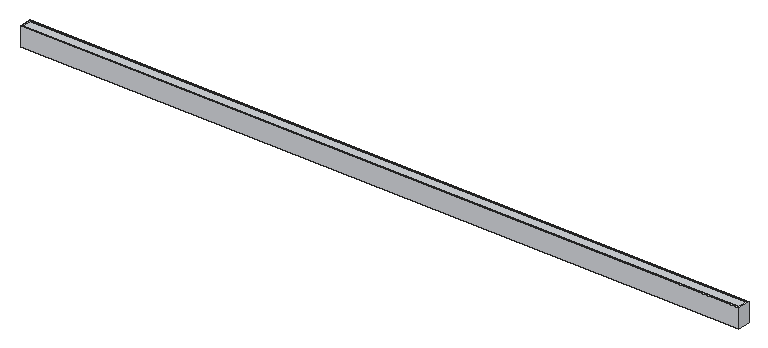
Revit family "Lighting-Strip-Acclaim-Flex Tube RGB", category Lighting Fixtures, host Face, Revit 2014
Parameters
  Width = 0' - 0 207/256"
  Wattage = 9.2903 W
  built-in parameter 1150110 = 1 (stored number, unit not read)
  Voltage = 0 V
  URL = "http://www.acclaimlighting.com/"
  built-in parameter 1114217 = 1 (stored number, unit not read)
  Tilt Angle = -90.00°
  built-in parameter 1150109 = 1 (stored number, unit not read)
  built-in parameter 1150134 = 3
  built-in parameter 1150113 = 1 (stored number, unit not read)
  Power Factor = 1
  Photometric Web File = "generic"
  Number of Poles = 1
  built-in parameter 1150142 = (empty or 0)
  Model = "Flex Tube RGB"
  Manufacturer = "Acclaim Lighting"
  built-in parameter 1150105 = 109.82 (stored number, unit not read)
  Lumens = 1380 lm
  built-in parameter 1150115 = 1 (stored number, unit not read)
  built-in parameter 1150137 = (empty or 0)
  built-in parameter 1150139 = (empty or 0)
  Length [instance] = 4' - 0"
  built-in parameter 1150112 = 1 (stored number, unit not read)
  built-in parameter 1150114 = 1 (stored number, unit not read)
  Lamp = "LED"
  built-in parameter 1150132 = (empty or 0)
  built-in parameter 1150102 = (empty or 0)
  built-in parameter 1150107 = 3200 (stored number, unit not read)
  built-in parameter 1150138 = (empty or 0)
  built-in parameter 1150106 = 1.0982 (stored number, unit not read)
  Housing Finish = Aluminum
  Emit from Line Length = 4' - 0"
  built-in parameter 1150104 = 13.8 (stored number, unit not read)
  Dimming Lamp Color Temperature Shift = <None>
  Description = "LED Strip"
  Default Elevation = 4' - 0"
  Color Filter = 16777215
  built-in parameter 1114218 = 1 (stored number, unit not read)
  built-in parameter 1150133 = 10 (stored number, unit not read)
  Apparent Load = 0 VA
Reference planes (in)
  plane 1 "Center (Front/Back)": y = 0
  plane 2: z = 0
  plane 3 "Center (Left/Right)": x = 0
  plane 4: x = -24
  plane 5: x = 24
  plane 6: y = 0.4043
  plane 7: z = 6.9048
  plane 8: y = -0.4043
Forms (in)
  Extrusion 1, solid
    sketch origin (0, 0, 0) x (1, 0, 0) y (0, 1, 0)
      loop
        line (-24, 0.4043) -> (-24, -0.4043) -> (24, -0.4043) -> (24, 0.4043) -> (-24, 0.4043)
    from 0 to 1.26192
  Extrusion 2, solid, material "Aluminum" <- "Housing Finish"
    sketch origin (0, 0, 0) x (1, 0, 0) y (0, 1, 0)
      loop
        line (-24, 0.4043) -> (-24, 0.3418) -> (-24, -0.3418) -> (-24, -0.4043) -> (24, -0.4043) -> (24, 0.4043) -> (-24, 0.4043)
      loop
        line (-23.9375, 0.3418) -> (-23.9375, -0.3418) -> (23.9375, -0.3418) -> (23.9375, 0.3418) -> (-23.9375, 0.3418)
    from 0 to 1.26192
Dimensions and locks (in)
  equal spacing: plane 4, plane 3 "Center (Left/Right)", plane 5
  equal spacing: plane 5, plane 3 "Center (Left/Right)", plane 4
  plane 5 to plane 4 = 4' - 0"
  "Length": plane 4 to plane 5
  equal spacing: plane 8, plane 1 "Center (Front/Back)", plane 6
  "Width": plane 8 to plane 6
  aligned and locked: plane 2 to host face
  aligned and locked: level to host face
  aligned and locked: Extrusion 1 sketch curve to plane 5
  aligned and locked: plane 4 to Extrusion 1 sketch curve
  aligned and locked: plane 6 to Extrusion 1 sketch curve
  aligned and locked: plane 8 to Extrusion 1 sketch curve
  aligned and locked: plane 1 "Center (Front/Back)" to imposter light
  aligned and locked: Extrusion 2 to plane 4  (x2)
  aligned and locked: Extrusion 1 to Extrusion 2
Automatic sketch dimensions
  host sketch curve to host sketch curve = 8' - 0"  (x2)
  Extrusion 2 sketch curve to plane 4 = 0' - 0"
  plane 8 to Extrusion 2 sketch curve = 0' - 0 1/16"
  Extrusion 2 sketch curve to plane 5 = 0' - 0"
  Extrusion 2 sketch curve to plane 5 = 0' - 0 1/16"
  plane 6 to Extrusion 2 sketch curve = 0' - 0 1/16"
  Extrusion 2 sketch curve to Extrusion 2 sketch curve = 0' - 0 1/16"
  plane 6 to Extrusion 2 sketch curve = 0' - 0"
  Extrusion 2 sketch curve to Extrusion 2 sketch curve = 0' - 0"  (x2)
  Extrusion 2 sketch curve to plane 8 = 0' - 0"
